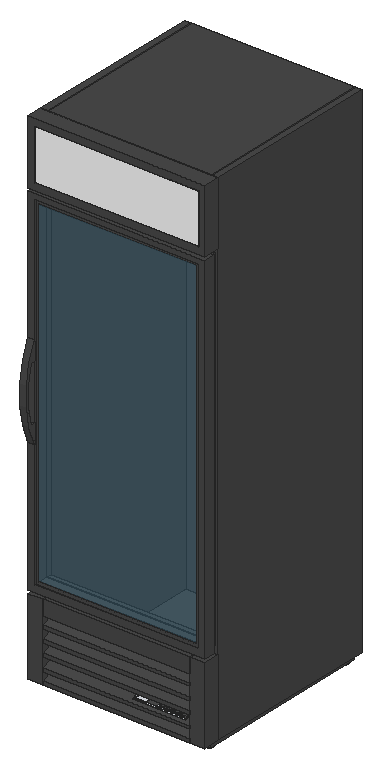
Revit family "QF_TRUE_GDM-23W-HC~TSL01", category Specialty Equipment, Revit 2016
Family settings
  Part Type = Normal
  Round Connector Dimension = Use Diameter
  Work Plane-Based = No
  Always vertical = Yes
  Cut with Voids When Loaded = No
  Shared = No
  Room Calculation Point = No
Parameters
  Weight in Pounds = 305
  Watts = Volts * FL Amps  # 621 W
  Volts = 115 V
  URL Cutsheet = ""
  Specification by User = ""
  Specification by Manufacturer = ""
  Show Logo [instance] = yes
  Show Default Legs [instance] = if(Show 6 Inches Standard Legs, or(Show 6 Inches Seismic Flanged Legs, Show 2.5 Inches Castors), if(Show 2.5 Inches Castors, Show 6 Inches Seismic Flanged Legs, not(or(Show 6 Inches Seismic Flanged Legs, Show 2.5 Inches Castors, Show 6 Inches Standard Legs))))  # yes
  Show Clearance [instance] = yes
  Show 6 Inches Standard Legs [instance] = no
  Show 6 Inches Seismic Flanged Legs [instance] = no
  Show 2.5 Inches Castors [instance] = no
  Serial Number = ""
  Seismic Rating = ""
  SMACNA No = ""
  Revision Code = ""
  Phase = 1
  Number of Poles = 1
  NAFEM Spec ID Number = ""
  Model = "GDM-23W-HC-TSL01"
  Min Ckt Ampacity = 0 A
  Max Overcurrent Protection = 0 A
  Masterspec = ""
  Manufacturer = "TRUE"
  Length = 27"
  Item Number = ""
  Installed By = ""
  Identify Quantity as Lot = yes
  Height [instance] = Body Height + Base Height  # 78 5/8"
  HP = "1/3"
  Furnished By = ""
  Foodservice Equipment Identifier = yes
  FL Amps = 5.4 A
  Electrical Remarks = ""
  Electric Connection Type = ""
  Elec Conn RI Height = 0"
  Elec Conn Connection Height = 0"
  Description = "SWING DOOR REFRIGERATOR WITH HYDROCARBON REFRIGERANT-TRUE STANDARD LOOK VERSION 01"
  Depth = 29 7/8"
  Cycle = 60 Hz
  Conn Plug = "NEMA 5-15P"
  Conn Conduit = yes
  CSI MasterFormat = ""
  Materials and Finishes [instance] = QF_Plastic - Black - Smooth
  Body Height [instance] = 78 5/16"
  Base Height [instance] = if(Show Default Legs, 5/16", if(Show 6 Inches Standard Legs, 6", if(Show 6 Inches Seismic Flanged Legs, 6", if(Show 2.5 Inches Castors, 2 1/2", 5/16"))))  # 5/16"
  Apparent Power = 0 VA
  6 Inches Standard Legs [instance] = and(Show 6 Inches Standard Legs, not(Show Default Legs))  # no
  6 Inches Seismic Flanged Legs [instance] = and(Show 6 Inches Seismic Flanged Legs, not(Show Default Legs))  # no
  2.5 Inches Castors [instance] = and(Show 2.5 Inches Castors, not(Show Default Legs))  # no
Reference planes (in)
  plane 1 "BACK": y = 0
  plane 2: z = 0
  plane 3 "LEFT": x = 0
  plane 4 "RIGHT": x = 27
  plane 5 "FRONT": y = -29.875
  plane 6 "TOP": z = 78.625
  plane 7 "Center Y": x = 13.5
  plane 8 "Center X": y = -14.9375
  plane 9: z = 0.3125
  plane 10: z = 1.6875
  plane 11: z = 1.6875
  plane 12: y = -54.75
  plane 13: y = -31.50001
Dimensions and locks (in)
  equal spacing: plane 3 "LEFT", plane 7 "Center Y", plane 4 "RIGHT"
  "Length": plane 3 "LEFT" to plane 4 "RIGHT"
  equal spacing: plane 5 "FRONT", plane 8 "Center X", plane 1 "BACK"
  "Depth": plane 5 "FRONT" to plane 1 "BACK"
  "Body Height": plane 6 "TOP" to plane 9
  plane 4 "RIGHT" to plane 3 "LEFT" = 27"
  plane 5 "FRONT" to plane 1 "BACK" = 29 7/8"
  "Base Height": plane 9 to level
  plane 10 to plane 9 = 1 3/8"
  plane 12 to plane 1 "BACK" = 54 3/4"
  plane 1 "BACK" to plane 13 = 31 1/2"
  aligned and locked: level to plane 2
  aligned and locked: nested 3 to plane 9
Nested families (in)
  nested 1: "CASTER-LEGS" at (2.5, -2, 0), Show Siesmic Flanged <- "6 Inches Seismic Flanged Legs", Show 6 Inches Legs <- "6 Inches Standard Legs", Show 2.5 Casters <- "2.5 Inches Castors", type "CASTER-LEGS"
    with Type Mark "", Status "", Specification by User "", Show Siesmic Flanged no, Show 6" Casters no, Show 6 Inches Legs no, Show 5" Casters no, Show 4" Casters no, Show 2.5 Standard Legs no, Show 2.5 Casters no, Revision Code "", Low Profile yes, Item Number "", Installed By "", Identify Quantity as Lot yes, Furnished By "", Foodservice Equipment Identifier yes
  nested 2: "CASTER-LEGS" at (24.5, -2, 0), Show Siesmic Flanged <- "6 Inches Seismic Flanged Legs", Show 6 Inches Legs <- "6 Inches Standard Legs", Show 2.5 Casters <- "2.5 Inches Castors", type "CASTER-LEGS"
    with Type Mark "", Status "", Specification by User "", Show Siesmic Flanged no, Show 6" Casters no, Show 6 Inches Legs no, Show 5" Casters no, Show 4" Casters no, Show 2.5 Standard Legs no, Show 2.5 Casters no, Revision Code "", Low Profile yes, Item Number "", Installed By "", Identify Quantity as Lot yes, Furnished By "", Foodservice Equipment Identifier yes
  nested 3: "GDM-23W-HC-TSL01" at (0, 0, 0), Show Logo <- "Show Logo", Show Default Legs <- "Show Default Legs", Show Clearance <- "Show Clearance", type "GDM-23W-HC-TSL01"
    with Show Logo yes, Show Default Legs yes, Show Clearance yes
  nested 4: "CASTER-LEGS" at (2.5, -25.375, 0), Show Siesmic Flanged <- "6 Inches Seismic Flanged Legs", Show 6 Inches Legs <- "6 Inches Standard Legs", Show 2.5 Casters <- "2.5 Inches Castors", type "CASTER-LEGS"
    with Type Mark "", Status "", Specification by User "", Show Siesmic Flanged no, Show 6" Casters no, Show 6 Inches Legs no, Show 5" Casters no, Show 4" Casters no, Show 2.5 Standard Legs no, Show 2.5 Casters no, Revision Code "", Low Profile yes, Item Number "", Installed By "", Identify Quantity as Lot yes, Furnished By "", Foodservice Equipment Identifier yes
  nested 5: "CASTER-LEGS" at (24.5, -25.375, 0), Show Siesmic Flanged <- "6 Inches Seismic Flanged Legs", Show 6 Inches Legs <- "6 Inches Standard Legs", Show 2.5 Casters <- "2.5 Inches Castors", type "CASTER-LEGS"
    with Type Mark "", Status "", Specification by User "", Show Siesmic Flanged no, Show 6" Casters no, Show 6 Inches Legs no, Show 5" Casters no, Show 4" Casters no, Show 2.5 Standard Legs no, Show 2.5 Casters no, Revision Code "", Low Profile yes, Item Number "", Installed By "", Identify Quantity as Lot yes, Furnished By "", Foodservice Equipment Identifier yes
Connectors (in)
  electrical at (13.5, 0, 40.15625), driven by "Volts", driven by "Watts"
    settings: on nested 3, index 1, voltage 115 V, apparent load 621 VA, apparent load phase1 0 VA, apparent load phase2 0 VA, apparent load phase3 0 VA, power factor 1, load classification "Other", number of poles 1, system type 30, power factor state 1, is connector primary yes, connector utility no, sub classification motor no, connector description "ELECTRICAL CONNECTION"
Definition of nested family "GDM-23W-HC-TSL01"
  Parameters (values of type "GDM-23W-HC-TSL01")
    Weight in Pounds = 0
    Watts = 0 W
    Volts = 0 V
    URL Cutsheet = ""
    Specification by User = ""
    Specification by Manufacturer = ""
    Show Logo [instance] = yes
    Show Default Legs [instance] = yes
    Show Clearance [instance] = yes
    Serial Number = ""
    Seismic Rating = ""
    SMACNA No = ""
    Revision Code = ""
    Phase = 0
    Number of Poles = 1
    NAFEM Spec ID Number = ""
    Model = ""
    Min Ckt Ampacity = 0 A
    Max Overcurrent Protection = 0 A
    Masterspec = ""
    Manufacturer = ""
    Length = 27"
    Item Number = ""
    Installed By = ""
    Identify Quantity as Lot = yes
    Height = 78 5/8"
    HP = ""
    Furnished By = ""
    Foodservice Equipment Identifier = yes
    FL Amps = 0 A
    Electrical Remarks = ""
    Electric Connection Type = ""
    Elec Conn RI Height = 0"
    Elec Conn Connection Height = 0"
    Description = ""
    Depth = 29 7/8"
    Cycle = 0 Hz
    Conn Plug = ""
    Conn Conduit = yes
    CSI MasterFormat = ""
    Body Finish = none
    Apparent Power = 0 VA
  Reference planes (in)
    plane 1 "BACK": y = 0
    plane 2: z = 0
    plane 3 "LEFT": x = 0
    plane 4 "RIGHT": x = 27
    plane 5 "FRONT": y = -29.875
    plane 6 "TOP": z = 78.625
    plane 7 "Center Y": x = 13.5
    plane 8 "Center X": y = -14.9375
    plane 9: z = 0.3125
    plane 10: z = 1.6875
    plane 11: z = 1.6875
    plane 12: y = -1
    plane 13: y = -31.50001
    plane 14: y = -54.75
  Forms (in)
    Extrusion 1, solid, material <- "Body Finish"
      sketch origin (0, -31.5, 0) x (1, 0, 0) y (0, 0, 1)
        loop
          line (0, 78.625) -> (0, 68.875) -> (27, 68.875) -> (27, 78.625) -> (0, 78.625)
        loop
          line (1, 77.625) -> (1, 69.875) -> (26, 69.875) -> (26, 77.625) -> (1, 77.625)
      from -1.625 to -4.125
    Extrusion 2, solid, material <- "Body Finish"
      sketch origin (-10.24231, -29.875, 48) x (-1, 0, 0) y (0, 0, 1)
        loop
          line (-37.24231, 20.38229) -> (-37.24231, -34.11771) -> (-10.24231, -34.11771) -> (-10.24231, 20.38229) -> (-37.24231, 20.38229)
        loop
          line (-36.24231, 19.63229) -> (-36.24231, -33.11771) -> (-11.24231, -33.11771) -> (-11.24231, 19.63229) -> (-36.24231, 19.63229)
      from 0 to 1.75251
    Extrusion 3, solid, material <- "Body Finish"
      sketch origin (-10.24231, -29.875, 48) x (-1, 0, 0) y (0, 0, 1)
        loop
          line (-10.24231, -46.3125) -> (-10.24231, -34.61771) -> (-12.49231, -34.61771) -> (-12.49231, -46.3125) -> (-10.24231, -46.3125)
        loop
          line (-37.24231, -46.3125) -> (-34.99231, -46.3125) -> (-34.99231, -34.61771) -> (-37.24231, -34.61771) -> (-37.24231, -46.3125)
      from 0 to 2.5
    Extrusion 4, solid, material <- "Body Finish"
      sketch origin (0, -5, 0) x (1, 0, 0) y (0, 0, 1)
        loop
          line (1.125, 1.6875) -> (1.125, 0.3125) -> (25.875, 0.3125) -> (25.875, 1.6875) -> (1.125, 1.6875)
      from -5 to 22.375
    Extrusion 5, solid, material <- "Body Finish"
      sketch origin (2.25, -29.875, 1.6875) x (0, 0, 1) y (0, -1, 0)
        loop
          line (11.69479, 0) -> (9.44479, 0) -> (9.44479, -2.25) -> (9.31979, -2.25) -> (8.19479, 0) -> (7.69479, 0) -> (8.81979, -2.25) -> (7.38229, -2.25) -> (6.25729, 0) -> (5.75729, 0) -> (6.88229, -2.25) -> (5.44479, -2.25) -> (4.31979, 0) -> (3.81979, 0) -> (4.94479, -2.25) -> (3.44479, -2.25) -> (2.31979, 0) -> (1.81979, 0) -> (2.94479, -2.25) -> (1.625, -2.25) -> (0.5, 0) -> (0, 0) -> (0, -2.5) -> (11.69479, -2.5) -> (11.69479, 0)
      from 0 to 22.5
    Extrusion 6, solid, material <- "Body Finish"
      sketch origin (0, -5, 0) x (0, 1, 0) y (0, 0, 1)
        loop
          line (-22.375, 78.625) -> (-22.375, 1.6875) -> (5, 1.6875) -> (5, 78.625) -> (-22.375, 78.625)
      from 0 to 1
    Extrusion 7, solid, material <- "Body Finish"
      sketch origin (27, -5, 0) x (0, 1, 0) y (0, 0, -1)
        loop
          line (-22.375, -78.625) -> (5, -78.625) -> (5, -1.6875) -> (-22.375, -1.6875) -> (-22.375, -78.625)
      from 0 to 1
    Extrusion 8, solid, material <- "Body Finish"
      sketch origin (1, -5, 0) x (0, 1, 0) y (0, 0, 1)
        loop
          line (5, 78.625) -> (-22.375, 78.625) -> (-22.375, 77.625) -> (4, 77.625) -> (4, 1.6875) -> (5, 1.6875) -> (5, 78.625)
      from 0 to 25
    Extrusion 9, solid
      sketch origin (0.75, -27.75, 0) x (-1, 0, 0) y (0, 0, 1)
        loop
          line (-0.25, 77.625) -> (-25.25, 77.625) -> (-25.25, 69.875) -> (-0.25, 69.875) -> (-0.25, 77.625)
      from -0.37249 to -2.125
    Extrusion 10, solid, material <- "Body Finish"
      sketch origin (-10.24231, -28.12249, 48) x (-1, 0, 0) y (0, 0, 1)
        loop
          line (-11.24231, 19.63229) -> (-36.24231, 19.63229) -> (-36.24231, -33.11771) -> (-11.24231, -33.11771) -> (-11.24231, 19.63229)
        loop
          line (-35.74231, 19.13229) -> (-35.74231, -32.61771) -> (-11.74231, -32.61771) -> (-11.74231, 19.13229) -> (-35.74231, 19.13229)
      from 0 to -1.5
    Extrusion 11, solid
      sketch origin (-10.24231, -29.62249, 48) x (1, 0, 0) y (0, 0, 1)
        loop
          line (11.74231, -32.61771) -> (35.74231, -32.61771) -> (35.74231, 19.13229) -> (11.74231, 19.13229) -> (11.74231, -32.61771)
      from 0 to -0.125
    Extrusion 12, solid
      sketch origin (0.375, -3.59375, 24.16366) x (0, 1, 0) y (0, 0, 1)
        loop
          arc (-26.28125, 24.2861) -> (-27.90626, 17.09363) -> (-26.28125, 9.90116) r 16.72986
          line (-26.28125, 9.90116) -> (-26.28125, 12.85144) -> (-27.1009, 12.85144)
          arc (-27.1009, 12.85144) -> (-27.65626, 17.09363) -> (-27.1009, 21.33582) r 16.47986
          line (-27.1009, 21.33582) -> (-26.28125, 21.33582) -> (-26.28125, 24.2861)
      from -0.375 to 0.625
    Extrusion 13, solid, visible <- "Show Default Legs"
      sketch origin (24.83359, -5, 0.3125) x (0, 1, 0) y (1, 0, 0)
        loop
          circle (4.29289, -23.00148) r 0.5
        loop
          circle (4.29289, 0.3343) r 0.5
        loop
          circle (-21.625, -23.00148) r 0.5
        loop
          circle (-21.625, 0.3343) r 0.5
      from 0 to 0.3125
    Extrusion 14, solid, visible <- "Show Clearance", detail levels coarse
      sketch origin (27, -29.875, 68.38229) x (-1, 0, 0) y (0, -1, 0)
        loop
          line (0, 0) -> (27, 0)
          arc (27, 0) -> (18.33036, 17.6805) -> (0, 24.875) r 27.19647
          line (0, 24.875) -> (0, 0)
      from 0 to -54.5
    Extrusion 15, solid
      sketch origin (-10.24231, -28.12249, 48) x (-1, 0, 0) y (0, 0, 1)
        loop
          line (-35.74231, 19.13229) -> (-35.74231, -32.61771) -> (-11.74231, -32.61771) -> (-11.74231, 19.13229) -> (-35.74231, 19.13229)
        loop
          line (-36.74231, -33.61771) -> (-10.74231, -33.61771) -> (-10.74231, 20.13229) -> (-36.74231, 20.13229) -> (-36.74231, -33.61771)
      from 0 to 0.74749
    Extrusion 16, solid, material <- "Body Finish"
      sketch origin (1, 0, 1.6875) x (0, 0, 1) y (1, 0, 0)
        loop
          circle (5.59739, 12.5) r 0.25
      from 0 to 0.125
  Lines and regions (in)
    symbolic lines
      curve 1: line (0, -29.875, 0) -> (27, -29.875, 0)
      curve 2: line (0, 0, 0) -> (0, -31.50001, 0)
      curve 3: line (27, 0, 0) -> (0, 0, 0)
      curve 4: line (27, -29.875, 0) -> (27, 0, 0)
      curve 5: line (1, -31.50001, 0) -> (0, -31.50001, 0)
      curve 6: line (1, -31.50001, 0) -> (1, -29.875, 0)
      curve 7: line (0, -27.375, 0) -> (27, -27.375, 0)
      curve 8: line (1, -27.375, 0) -> (1, 0, 0)
      curve 9: line (26, -27.375, 0) -> (26, 0, 0)
      curve 10: line (27, -29.875, 0) -> (4.58659, -42.81539, 0)
      curve 11: arc (0, -29.875, 0) -> (1.46329, -36.63938, 0) -> (4.58659, -42.81539, 0) r 27.19647
  Dimensions and locks (in)
    equal spacing: plane 3 "LEFT", plane 7 "Center Y", plane 4 "RIGHT"
    "Length": plane 3 "LEFT" to plane 4 "RIGHT"
    equal spacing: plane 5 "FRONT", plane 8 "Center X", plane 1 "BACK"
    "Depth": plane 5 "FRONT" to plane 1 "BACK"
    "Height": plane 6 "TOP" to level
    plane 4 "RIGHT" to plane 3 "LEFT" = 27"
    plane 5 "FRONT" to plane 1 "BACK" = 29 7/8"
    plane 9 to level = 5/16"
    plane 6 "TOP" to plane 10 = 76 15/16"
    plane 10 to plane 9 = 1 3/8"
    plane 1 "BACK" to plane 13 = 31 1/2"
    plane 1 "BACK" to plane 14 = 54 3/4"
    aligned and locked: level to plane 2
  Automatic sketch dimensions
    Extrusion 2 sketch curve to Extrusion 2 sketch curve = 1"  (x3)
    Extrusion 3 sketch curve to Extrusion 3 sketch curve = 2 1/4"  (x2)
    Extrusion 5 sketch curve to Extrusion 3 = 0"  (x8)
    Extrusion 3 to Extrusion 5 sketch curve = 0"
    Extrusion 5 sketch curve to Extrusion 5 sketch curve = 1/2"  (x9)
    Extrusion 3 to Extrusion 5 sketch curve = 1/4"  (x5)
    Extrusion 5 sketch curve to Extrusion 3 = 1 5/8"
    Extrusion 5 sketch curve to Extrusion 5 sketch curve = 1.31979"  (x2)
    Extrusion 5 sketch curve to Extrusion 5 sketch curve = 1 1/2"  (x2)
    Extrusion 5 sketch curve to Extrusion 5 sketch curve = 1 7/16"  (x4)
    Extrusion 5 sketch curve to Extrusion 5 sketch curve = 1/8"
    Extrusion 2 to Extrusion 10 sketch curve = 0"
    Extrusion 10 sketch curve to Extrusion 2 = 0"  (x3)
    Extrusion 2 to Extrusion 10 sketch curve = 1/2"  (x4)
    Extrusion 11 sketch curve to Extrusion 10 = 0"  (x3)
    Extrusion 10 to Extrusion 11 sketch curve = 0"
    Extrusion 12 sketch curve to Extrusion 12 sketch curve = 2.95028"
    Extrusion 12 sketch curve to Extrusion 12 sketch curve = 4 31/128"
    Extrusion 1 sketch curve to Extrusion 1 sketch curve = 7 3/4"
    Extrusion 1 sketch curve to Extrusion 1 sketch curve = 1"  (x4)
    Extrusion 2 sketch curve to Extrusion 2 sketch curve = 3/4"
    Extrusion 9 sketch curve to Extrusion 9 sketch curve = 7 3/4"
    Extrusion 3 sketch curve to Extrusion 3 sketch curve = 11.69479"  (x2)
    Extrusion 13 sketch curve to Extrusion 4 = 3/4"  (x2)
    Extrusion 13 sketch curve to Extrusion 4 = 0.70711"  (x4)
    Extrusion 4 to Extrusion 13 sketch curve = 0.70711"  (x2)
    Extrusion 12 sketch curve to Extrusion 12 sketch curve = 0.81965"  (x2)
    Extrusion 1 sketch curve to Extrusion 1 sketch curve = 25"
    Extrusion 2 sketch curve to Extrusion 2 sketch curve = 25"
    Extrusion 2 sketch curve to Extrusion 2 sketch curve = 52 3/4"
    Extrusion 3 sketch curve to Extrusion 3 sketch curve = 22 1/2"
    Extrusion 3 sketch curve to Extrusion 3 sketch curve = 0"
    Extrusion 4 sketch curve to Extrusion 4 sketch curve = 24 3/4"
    Extrusion 4 sketch curve to Extrusion 4 sketch curve = 1 3/8"
    Extrusion 6 sketch curve to Extrusion 6 sketch curve = 27 3/8"
    Extrusion 6 sketch curve to Extrusion 6 sketch curve = 76 15/16"
    Extrusion 7 sketch curve to Extrusion 7 sketch curve = 27 3/8"
    Extrusion 7 sketch curve to Extrusion 7 sketch curve = 76 15/16"
    Extrusion 9 sketch curve to Extrusion 9 sketch curve = 25"
    Extrusion 12 sketch curve to Extrusion 12 sketch curve = 0"  (x5)
    Extrusion 12 sketch curve to Extrusion 12 sketch curve = 15.10485"
    Extrusion 8 sketch curve to Extrusion 6 = 0"  (x3)
    Extrusion 6 to Extrusion 8 sketch curve = 0"
    Extrusion 8 sketch curve to Extrusion 6 = 1"  (x2)
    Extrusion 2 to Extrusion 15 sketch curve = 1/2"  (x4)
    Extrusion 15 sketch curve to Extrusion 15 sketch curve = 1"  (x4)
    Extrusion 1 sketch curve to plane 3 "LEFT" = 0"
    Extrusion 1 sketch curve to plane 6 "TOP" = 0"
    plane 4 "RIGHT" to Extrusion 2 sketch curve = 0"
    plane 10 to Extrusion 2 sketch curve = 12.19479"
    plane 4 "RIGHT" to Extrusion 3 sketch curve = 0"
    Extrusion 3 sketch curve to plane 10 = 0"
    Extrusion 4 sketch curve to plane 9 = 0"
    plane 3 "LEFT" to Extrusion 4 sketch curve = 1 1/8"
    Extrusion 6 sketch curve to plane 10 = 0"
    Extrusion 6 sketch curve to plane 1 "BACK" = 0"
    Extrusion 7 sketch curve to plane 10 = 0"
    Extrusion 7 sketch curve to plane 1 "BACK" = 0"
    plane 4 "RIGHT" to Extrusion 9 sketch curve = 1"
    Extrusion 9 sketch curve to plane 6 "TOP" = 8 3/4"
    Extrusion 12 sketch curve to plane 5 "FRONT" = 0"
    plane 10 to Extrusion 12 sketch curve = 32.37732"
    Extrusion 14 sketch curve to Extrusion 2 = 0"  (x3)
    Extrusion 14 sketch curve to Extrusion 2 = 0.09723"
    Extrusion 14 sketch curve to Extrusion 2 = 0.56879"
    curve 7 to plane 3 "LEFT" = 0"
    curve 5 to plane 13 = 0"
    plane 1 "BACK" to curve 8 = 0"
    plane 5 "FRONT" to curve 6 = 0"
    curve 10 to plane 4 "RIGHT" = 0"
    plane 3 "LEFT" to curve 5 = 1"
    plane 3 "LEFT" to curve 10 = 4.58659"
    plane 3 "LEFT" to curve 8 = 1"
    plane 4 "RIGHT" to curve 9 = 1"
    plane 14 to curve 10 = 11.93461"
    curve 6 to curve 8 = 2 1/2"
    curve 11 to plane 4 "RIGHT" = 0.09723"
    Extrusion 8 to Extrusion 16 sketch curve = 5.59739"
    Extrusion 8 to Extrusion 16 sketch curve = 12 1/2"
    radius of Extrusion 13 sketch curve = 1/2"  (x4)
    radius of Extrusion 16 sketch curve = 1/4"
  Nested families (in)
    nested 1: "QF_LOGO_TRUE" at (15.65, -29.42253, 4.23352), Show Logo <- "Show Logo", type "QF_LOGO_TRUE", detail levels medium+fine
      with Show Logo yes
  Connectors (in)
    electrical at (13.5, 0.125, 7.28489), driven by "Volts", driven by "Watts"
      settings: on Extrusion 16, index 1, voltage 0 V, apparent load 0 VA, apparent load phase1 0 VA, apparent load phase2 0 VA, apparent load phase3 0 VA, power factor 1, load classification none, number of poles 1, system type 30, power factor state 1, is connector primary yes, connector utility no, sub classification motor no, connector description "ELECTRICAL CONNECTION"
  Definition of nested family "QF_LOGO_TRUE"
    Parameters (values of type "QF_LOGO_TRUE")
      Show Logo [instance] = yes
    Reference planes (in)
      plane 1 "Center (Front/Back)": y = 0
      plane 2: z = 0
      plane 3 "Center (Left/Right)": x = 0
    Forms (in)
      Extrusion 1, solid, visible <- "Show Logo"
        sketch origin (-78.34647, -11.73983, -44.74286) x (1, 0, 0) y (0, 0.894428, 0.447213)
          loop
            line (81.15226, 31.65456) -> (81.07353, 31.48573) -> (82.12083, 31.48573)
            arc (82.12083, 31.48573) -> (82.14208, 31.44814) -> (82.12083, 31.41055) r 0.04386
            line (82.12083, 31.41055) -> (81.84767, 30.82478)
            arc (81.84767, 30.82478) -> (81.84531, 30.77052) -> (81.882, 30.73048) r 0.07096
            line (81.882, 30.73048) -> (82.55165, 30.73048)
            arc (82.55165, 30.73048) -> (82.63621, 30.75714) -> (82.69019, 30.82748) r 0.14742
            line (82.69019, 30.82748) -> (82.90515, 31.28847) -> (83.10265, 31.28847)
            arc (83.10265, 31.28847) -> (83.15447, 31.26942) -> (83.14697, 31.21472) r 0.04405
            line (83.14697, 31.21472) -> (82.9671, 30.82899)
            arc (82.9671, 30.82899) -> (82.9699, 30.76493) -> (83.02398, 30.73048) r 0.06943
            line (83.02398, 30.73048) -> (83.6124, 30.73048)
            arc (83.6124, 30.73048) -> (83.65748, 30.74689) -> (83.68147, 30.78844) r 0.07014
            arc (83.68147, 30.78844) -> (83.69845, 30.74745) -> (83.73943, 30.73048) r 0.05796
            line (83.73943, 30.73048) -> (84.112, 30.73048)
            arc (84.112, 30.73048) -> (84.15504, 30.74201) -> (84.18655, 30.77352) r 0.08608
            arc (84.18655, 30.77352) -> (84.20164, 30.7371) -> (84.23806, 30.72202) r 0.0515
            line (84.23806, 30.72202) -> (84.76757, 30.72202)
            arc (84.76757, 30.72202) -> (84.81086, 30.73995) -> (84.8288, 30.78324) r 0.06122
            arc (84.8288, 30.78324) -> (84.86848, 30.74355) -> (84.92269, 30.72903) r 0.10842
            line (84.92269, 30.72903) -> (85.91461, 30.72903) -> (86.02479, 30.91987) -> (85.0243, 30.91987)
            arc (85.0243, 30.91987) -> (84.99669, 30.93902) -> (84.99566, 30.97261) r 0.03732
            line (84.99566, 30.97261) -> (85.01297, 31.00972)
            arc (85.01297, 31.00972) -> (85.03954, 31.04453) -> (85.0813, 31.05774) r 0.07263
            line (85.0813, 31.05774) -> (85.40289, 31.05774)
            arc (85.40289, 31.05774) -> (85.4723, 31.07633) -> (85.52311, 31.12715) r 0.13882
            line (85.52311, 31.12715) -> (85.61625, 31.28847)
            arc (85.61625, 31.28847) -> (85.61625, 31.37458) -> (85.54168, 31.41763) r 0.08611
            line (85.54168, 31.41763) -> (85.20227, 31.41763)
            arc (85.20227, 31.41763) -> (85.11574, 31.40294) -> (85.05538, 31.33923) r 0.13863
            line (85.05538, 31.33923) -> (84.89409, 30.99333)
            arc (84.89409, 30.99333) -> (84.84649, 30.9313) -> (84.77191, 30.90778) r 0.13002
            line (84.77191, 30.90778) -> (84.41984, 30.90778)
            arc (84.41984, 30.90778) -> (84.3777, 30.95378) -> (84.38042, 31.0161) r 0.08151
            line (84.38042, 31.0161) -> (84.56766, 31.41763) -> (84.44849, 31.41763) -> (84.25012, 30.99222)
            arc (84.25012, 30.99222) -> (84.21158, 30.94199) -> (84.15119, 30.92296) r 0.10527
            line (84.15119, 30.92296) -> (83.90842, 30.92296)
            arc (83.90842, 30.92296) -> (83.8674, 30.97642) -> (83.87619, 31.04323) r 0.08805
            line (83.87619, 31.04323) -> (84.05078, 31.41763) -> (83.92772, 31.41763) -> (83.72676, 30.98668)
            arc (83.72676, 30.98668) -> (83.68011, 30.94003) -> (83.61639, 30.92296) r 0.12745
            line (83.61639, 30.92296) -> (83.26484, 30.92296)
            arc (83.26484, 30.92296) -> (83.2017, 30.9524) -> (83.19563, 31.0218) r 0.06967
            line (83.19563, 31.0218) -> (83.31118, 31.26961) -> (83.47452, 31.26961)
            arc (83.47452, 31.26961) -> (83.50209, 31.35268) -> (83.56075, 31.41763) r 0.21289
            line (83.56075, 31.41763) -> (82.92244, 31.41763)
            arc (82.92244, 31.41763) -> (82.85151, 31.40191) -> (82.80242, 31.34834) r 0.12081
            line (82.80242, 31.34834) -> (82.6294, 30.9773)
            arc (82.6294, 30.9773) -> (82.58962, 30.93752) -> (82.53528, 30.92296) r 0.10869
            line (82.53528, 30.92296) -> (82.1542, 30.92296)
            arc (82.1542, 30.92296) -> (82.12446, 30.96315) -> (82.13012, 31.01283) r 0.06822
            line (82.13012, 31.01283) -> (82.38156, 31.48573) -> (83.01596, 31.48573) -> (83.09469, 31.65456) -> (82.46029, 31.65456) -> (82.53902, 31.8234) -> (82.31334, 31.8234) -> (82.23461, 31.65456) -> (81.15226, 31.65456)
          loop
            arc (85.15937, 31.26434) -> (85.13191, 31.25698) -> (85.1118, 31.23688) r 0.05494
            line (85.1118, 31.23688) -> (85.09547, 31.18665)
            arc (85.09547, 31.18665) -> (85.10304, 31.16837) -> (85.12133, 31.16079) r 0.02586
            line (85.12133, 31.16079) -> (85.39889, 31.16079)
            arc (85.39889, 31.16079) -> (85.41888, 31.16523) -> (85.43513, 31.1777) r 0.04731
            line (85.43513, 31.1777) -> (85.44863, 31.2402)
            arc (85.44863, 31.2402) -> (85.44466, 31.25693) -> (85.42914, 31.26434) r 0.01994
            line (85.42914, 31.26434) -> (85.15937, 31.26434)
          loop
            line (78.62961, 30.74125) -> (80.12032, 30.74125) -> (80.73891, 31.81268) -> (79.2482, 31.81268) -> (78.62961, 30.74125)
        from 34.76797 to 34.83173
      Extrusion 2, solid, visible <- "Show Logo"
        sketch origin (-142.84857, -14.29215, -45.99893) x (1, 0, 0) y (0, 0.894428, 0.447213)
          loop
            line (150.81107, 34.71978) -> (142.98607, 34.71978) -> (142.98607, 33.4921) -> (150.81107, 33.4921) -> (150.81107, 34.71978)
        from 34.75108 to 34.78125
      Extrusion 3, solid, visible <- "Show Logo"
        sketch origin (-142.84857, -14.29215, -45.99893) x (1, 0, 0) y (0, 0.894428, 0.447213)
          loop
            line (150.94857, 34.85727) -> (142.84857, 34.85727) -> (142.84857, 33.3546) -> (150.94857, 33.3546) -> (150.94857, 34.85727)
          loop
            line (142.98607, 34.71978) -> (142.98607, 33.4921) -> (150.81107, 33.4921) -> (150.81107, 34.71978) -> (142.98607, 34.71978)
        from 34.75108 to 34.81376
      Extrusion 4, solid, not visible
        sketch origin (121.45701, -16.5, 4.98235) x (1, 0, 0) y (0, 0, 1)
          loop
            line (25.20115, 35.89949) -> (25.20115, 33.96647) -> (30.95381, 33.96647) -> (30.95381, 35.89949) -> (25.20115, 35.89949)
        from 31.5 to 31.54261
      Extrusion 5, solid, not visible
        sketch origin (121.45701, -16.5, 4.98235) x (1, 0, 0) y (0, 0, 1)
          loop
            line (26.7387, 34.95472) -> (26.61492, 34.49276) -> (27.038, 34.49276)
            arc (27.038, 34.49276) -> (27.13117, 34.52484) -> (27.18485, 34.60749) r 0.15134
            arc (27.18485, 34.60749) -> (27.20396, 34.68138) -> (27.22435, 34.75493) r 4.37326
            arc (27.22435, 34.75493) -> (27.23458, 34.81765) -> (27.22435, 34.88037) r 0.1974
            arc (27.22435, 34.88037) -> (27.18247, 34.93579) -> (27.11563, 34.95472) r 0.10914
            line (27.11563, 34.95472) -> (26.7387, 34.95472)
          loop
            line (26.90201, 34.80638) -> (26.84645, 34.59903) -> (26.92855, 34.59903)
            arc (26.92855, 34.59903) -> (26.98205, 34.6185) -> (27.01051, 34.6678) r 0.08322
            line (27.01051, 34.6678) -> (27.02399, 34.74424)
            arc (27.02399, 34.74424) -> (27.01491, 34.78454) -> (26.97985, 34.80638) r 0.05353
            line (26.97985, 34.80638) -> (26.90201, 34.80638)
          loop
            line (27.45336, 34.66131) -> (27.76233, 34.66131) -> (27.78859, 34.73909)
            arc (27.78859, 34.73909) -> (27.7878, 34.82039) -> (27.73107, 34.87864) r 0.10925
            arc (27.73107, 34.87864) -> (27.68233, 34.8944) -> (27.63139, 34.89974) r 0.24595
            line (27.63139, 34.89974) -> (27.46708, 34.89974)
            arc (27.46708, 34.89974) -> (27.4068, 34.88073) -> (27.3535, 34.84677) r 0.2421
            arc (27.3535, 34.84677) -> (27.2897, 34.76363) -> (27.26702, 34.66131) r 0.2421
            line (27.26702, 34.66131) -> (27.26702, 34.54477)
            arc (27.26702, 34.54477) -> (27.31618, 34.4956) -> (27.38334, 34.47761) r 0.13431
            line (27.38334, 34.47761) -> (27.59054, 34.47761)
            arc (27.59054, 34.47761) -> (27.63459, 34.48281) -> (27.67622, 34.49812) r 0.18924
            line (27.67622, 34.49812) -> (27.73102, 34.61563)
            arc (27.73102, 34.61563) -> (27.68453, 34.59565) -> (27.63566, 34.58252) r 0.35376
            arc (27.63566, 34.58252) -> (27.55885, 34.56956) -> (27.48204, 34.58252) r 0.23415
            arc (27.48204, 34.58252) -> (27.44492, 34.61362) -> (27.45336, 34.66131) r 0.04838
          loop
            line (27.4842, 34.73042) -> (27.62012, 34.73042) -> (27.62621, 34.76496)
            arc (27.62621, 34.76496) -> (27.58961, 34.80242) -> (27.53739, 34.80638) r 0.0742
            arc (27.53739, 34.80638) -> (27.49747, 34.77773) -> (27.4842, 34.73042) r 0.0742
          loop
            line (27.91616, 34.97572) -> (27.78675, 34.49276) -> (27.98645, 34.49276) -> (28.11586, 34.97572) -> (27.91616, 34.97572)
          loop
            line (28.13678, 34.66131) -> (28.08755, 34.47761) -> (28.27134, 34.47761) -> (28.32056, 34.66131) -> (28.43674, 34.66131) -> (28.47974, 34.78864) -> (28.36519, 34.78864)
            arc (28.36519, 34.78864) -> (28.35733, 34.81649) -> (28.36921, 34.84288) r 0.04231
            arc (28.36921, 34.84288) -> (28.431, 34.8652) -> (28.49617, 34.85686) r 0.13988
            line (28.49617, 34.85686) -> (28.53544, 34.97317)
            arc (28.53544, 34.97317) -> (28.39725, 34.99096) -> (28.25905, 34.97317) r 0.54546
            arc (28.25905, 34.97317) -> (28.20849, 34.91994) -> (28.18197, 34.85147) r 0.1894
            line (28.18197, 34.85147) -> (28.17089, 34.78864) -> (28.11397, 34.78864) -> (28.07985, 34.66131) -> (28.13678, 34.66131)
          loop
            arc (28.74846, 34.89756) -> (28.65884, 34.88533) -> (28.56922, 34.89756) r 0.33455
            line (28.56922, 34.89756) -> (28.45669, 34.47761) -> (28.63593, 34.47761) -> (28.74846, 34.89756)
          loop
            arc (28.60398, 35.01195) -> (28.57699, 34.97173) -> (28.60398, 34.9315) r 0.04347
            line (28.60398, 34.9315) -> (28.75755, 34.9315)
            arc (28.75755, 34.9315) -> (28.78645, 34.96687) -> (28.77911, 35.01195) r 0.0556
            line (28.77911, 35.01195) -> (28.60398, 35.01195)
          loop
            line (28.95336, 34.66131) -> (29.26233, 34.66131) -> (29.28859, 34.73909)
            arc (29.28859, 34.73909) -> (29.2878, 34.82039) -> (29.23107, 34.87864) r 0.10925
            arc (29.23107, 34.87864) -> (29.18233, 34.8944) -> (29.13139, 34.89974) r 0.24595
            line (29.13139, 34.89974) -> (28.96708, 34.89974)
            arc (28.96708, 34.89974) -> (28.9068, 34.88073) -> (28.8535, 34.84677) r 0.2421
            arc (28.8535, 34.84677) -> (28.7897, 34.76363) -> (28.76702, 34.66131) r 0.2421
            line (28.76702, 34.66131) -> (28.76702, 34.54477)
            arc (28.76702, 34.54477) -> (28.81618, 34.4956) -> (28.88334, 34.47761) r 0.13431
            line (28.88334, 34.47761) -> (29.09054, 34.47761)
            arc (29.09054, 34.47761) -> (29.13459, 34.48281) -> (29.17622, 34.49812) r 0.18924
            line (29.17622, 34.49812) -> (29.23102, 34.61563)
            arc (29.23102, 34.61563) -> (29.18453, 34.59565) -> (29.13566, 34.58252) r 0.35376
            arc (29.13566, 34.58252) -> (29.05885, 34.56956) -> (28.98204, 34.58252) r 0.23415
            arc (28.98204, 34.58252) -> (28.94492, 34.61362) -> (28.95336, 34.66131) r 0.04838
          loop
            line (28.9842, 34.73042) -> (29.12012, 34.73042) -> (29.12621, 34.76496)
            arc (29.12621, 34.76496) -> (29.08961, 34.80242) -> (29.03739, 34.80638) r 0.0742
            arc (29.03739, 34.80638) -> (28.99747, 34.77773) -> (28.9842, 34.73042) r 0.0742
          loop
            line (29.41616, 34.97572) -> (29.28675, 34.49276) -> (29.48645, 34.49276) -> (29.61586, 34.97572) -> (29.41616, 34.97572)
          loop
            line (29.99836, 34.97572) -> (29.95192, 34.80242)
            arc (29.95192, 34.80242) -> (29.94473, 34.85705) -> (29.90102, 34.89059) r 0.07199
            arc (29.90102, 34.89059) -> (29.80023, 34.89941) -> (29.70251, 34.87322) r 0.29131
            arc (29.70251, 34.87322) -> (29.61806, 34.7652) -> (29.5896, 34.63108) r 0.30433
            line (29.5896, 34.63108) -> (29.5896, 34.55572)
            arc (29.5896, 34.55572) -> (29.61075, 34.50463) -> (29.66184, 34.48348) r 0.07224
            line (29.66184, 34.48348) -> (29.78537, 34.48348)
            arc (29.78537, 34.48348) -> (29.83854, 34.51313) -> (29.88504, 34.55243) r 0.31609
            line (29.88504, 34.55243) -> (29.86905, 34.49276) -> (30.05973, 34.49276) -> (30.18914, 34.97572) -> (29.99836, 34.97572)
          loop
            arc (29.84537, 34.75931) -> (29.79424, 34.71128) -> (29.77745, 34.64317) r 0.12371
            arc (29.77745, 34.64317) -> (29.80071, 34.59901) -> (29.85056, 34.59647) r 0.05045
            arc (29.85056, 34.59647) -> (29.90141, 34.64047) -> (29.92536, 34.7033) r 0.13769
            arc (29.92536, 34.7033) -> (29.90211, 34.75521) -> (29.84537, 34.75931) r 0.05543
          loop
            line (26.45047, 35.26762) -> (26.58211, 35.26762)
            arc (26.58211, 35.26762) -> (26.60467, 35.30821) -> (26.62126, 35.35157) r 0.3277
            arc (26.62126, 35.35157) -> (26.62714, 35.39992) -> (26.60877, 35.44503) r 0.09693
            arc (26.60877, 35.44503) -> (26.56454, 35.48868) -> (26.50462, 35.50516) r 0.12312
            arc (26.50462, 35.50516) -> (26.44158, 35.50565) -> (26.37854, 35.50546) r 5.76967
            arc (26.37854, 35.50546) -> (26.07462, 35.42923) -> (25.81045, 35.26076) r 0.97743
            line (25.81045, 35.26076) -> (25.85921, 35.26076)
            arc (25.85921, 35.26076) -> (26.08494, 35.39361) -> (26.3396, 35.45485) r 0.88817
            arc (26.3396, 35.45485) -> (26.41429, 35.44188) -> (26.47267, 35.39352) r 0.14748
            arc (26.47267, 35.39352) -> (26.48041, 35.32725) -> (26.45047, 35.26762) r 0.11636
          loop
            arc (26.35412, 35.17841) -> (26.19578, 35.0555) -> (26.00982, 34.98069) r 0.72453
            arc (26.00982, 34.98069) -> (25.9036, 34.95581) -> (25.79459, 34.9604) r 0.40201
            arc (25.79459, 34.9604) -> (25.7275, 34.98819) -> (25.69972, 35.05528) r 0.09488
            arc (25.69972, 35.05528) -> (25.71867, 35.12629) -> (25.77049, 35.17841) r 0.1425
            line (25.77049, 35.17841) -> (25.73665, 35.18748)
            arc (25.73665, 35.18748) -> (25.67632, 35.09876) -> (25.66924, 34.99171) r 0.20432
            arc (25.66924, 34.99171) -> (25.71443, 34.9227) -> (25.79473, 34.90384) r 0.11116
            arc (25.79473, 34.90384) -> (25.91172, 34.89904) -> (26.02716, 34.91862) r 0.56145
            arc (26.02716, 34.91862) -> (26.27675, 35.021) -> (26.49584, 35.17841) r 1.15683
            line (26.49584, 35.17841) -> (26.35412, 35.17841)
        from 31.54261 to 31.56272
    Dimensions and locks (in)
      aligned and locked: level to plane 2
      aligned and locked: Extrusion 2 to Extrusion 3  (x2)
      aligned and locked: Extrusion 2 sketch curve to Extrusion 3
Definition of nested family "CASTER-LEGS"
  Parameters (values of type "CASTER-LEGS")
    Weight = ""
    URL Manufacturer = ""
    URL Cutsheet = ""
    URL = ""
    Type Mark [instance] = ""
    Status [instance] = ""
    Specification by User [instance] = ""
    Specification by Manufacturer = ""
    Show Siesmic Flanged [instance] = yes
    Show 6 Inches Legs [instance] = yes
    Show 6" Casters [instance] = yes
    Show 5" Casters [instance] = yes
    Show 4" Casters [instance] = yes
    Show 2.5 Standard Legs [instance] = yes
    Show 2.5 Casters [instance] = yes
    Serial Number = ""
    Seismic Rating = ""
    SMACNA No = ""
    Revision Code [instance] = ""
    Omniclass Number and Title = ""
    NAFEM Spec ID Number = ""
    Model = ""
    MasterSpec. = ""
    Manufacturer = ""
    Low Profile [instance] = yes
    Item Number [instance] = ""
    Installed By [instance] = ""
    Identify Quantity as Lot [instance] = yes
    Furnished By [instance] = ""
    Foodservice Equipment Identifier [instance] = yes
    Description = ""
    CSI MasterFormat = ""
    CSI Master Format = ""
    Assembly Code = ""
  Reference planes (in)
    plane 1: z = 0
    plane 2 "RIGHT": x = 0
    plane 3 "FRONT": y = 0
    plane 4 "TOP": z = 6
    plane 5: z = 2.125
    plane 6: z = 2.5
    plane 7: z = 6.25
  Forms (in)
    Revolve 1, solid, visible <- "Show 6 Inches Legs"
      sketch origin (11.12172, 0, 0) x (-1, 0, 0) y (0, 0, -1)
        loop
          line (11.12172, -6) -> (11.12172, 0) -> (10.62172, 0) -> (10.62172, -1.30261) -> (10.37172, -1.30261) -> (10.37172, -6) -> (11.12172, -6)
        axis (11.12172, 0) -> (11.12172, -6)
      angle from 0 to 360
    Extrusion 2, solid, visible <- "Show Siesmic Flanged"
      sketch origin (0, 0, 0) x (1, 0, 0) y (0, 1, 0)
        loop
          circle (-0.00825, 0) r 1
      from 0 to 0.125
    Revolve 3, solid, visible <- "Show Siesmic Flanged"
      sketch origin (11.12172, 0, 0) x (-1, 0, 0) y (0, 0, -1)
        loop
          line (11.12172, -6) -> (11.12172, -0.125) -> (10.62172, -0.125) -> (10.62172, -1.30261) -> (10.37172, -1.30261) -> (10.37172, -6) -> (11.12172, -6)
        axis (11.12172, -0.125) -> (11.12172, -6)
      angle from 0 to 360
    Revolve 4, solid, visible <- "Show 2.5 Standard Legs"
      sketch origin (11.12172, 0, 0) x (-1, 0, 0) y (0, 0, -1)
        loop
          line (11.12172, -2.5) -> (11.12172, 0) -> (10.62172, 0) -> (10.62172, -0.75) -> (10.37172, -0.75) -> (10.37172, -2.5) -> (11.12172, -2.5)
        axis (11.12172, 0) -> (11.12172, -2.5)
      angle from 0 to 360
  Dimensions and locks (in)
    plane 4 "TOP" to level = 6"  (x2)
    locked: Revolve 1 sketch curve to Revolve 1 sketch curve at 1.30261
    locked: Revolve 1 sketch curve to Revolve 1 sketch curve at 0.75
    nested 1 to level = 5"
    plane 6 to plane 1 = 2 1/2"
    plane 5 to plane 1 = 2 1/8"
    plane 7 to plane 1 = 6 1/4"
    locked: Revolve 3 sketch curve to Revolve 3 sketch curve at 0.75
    aligned and locked: level to plane 1
  Nested families (in)
    nested 1: "PITCO_5 INCHES CASTER" at (0, 0, 0), Show Casters <- "Show 5" Casters", type "PITCO_5 INCHES CASTER"
      with Type Mark "", Status "", Specification by User "", Show Casters yes, Revision Code "", Item Number "", Installed By "", Identify Quantity as Lot yes, Furnished By "", Foodservice Equipment Identifier yes
    nested 2: "2.13" at (0, 0, 0), 2.5 Inches Caster <- "Low Profile", type "2.13", not visible
      with Type Mark "", Status "", Specification by User "", Revision Code "", Item Number "", Installed By "", Identify Quantity as Lot yes, Furnished By "", Foodservice Equipment Identifier yes, 2.5 Inches Caster yes
    nested 3: "C4" at (0, 0, 0), Show 4 Inches Casters <- "Show 4" Casters", type "C4"
      with Type Mark "", Specification by User "", Show 4 Inches Casters yes, Revision Code "", Item Number "", Installed By "", Identify Quantity as Lot yes, Furnished By "", Foodservice Equipment Identifier yes
    nested 4: "6 Inches Leg & Caster" at (0, 0, 0), Show Casters <- "Show 6" Casters", type "6 Inches Leg & Caster"
      with Type Mark "", Status "", Specification by User "", Show Casters yes, Revision Code "", Item Number "", Installed By "", Identify Quantity as Lot yes, Furnished By "", Foodservice Equipment Identifier yes
    nested 5: "C2.5" at (0, -0.86941, 0), 2.5 Inches Caster <- "Show 2.5 Casters", type "C2.5"
      with Type Mark "", Status "", Specification by User "", Revision Code "", Item Number "", Installed By "", Identify Quantity as Lot yes, Furnished By "", Foodservice Equipment Identifier yes, 2.5 Inches Caster yes
  Definition of nested family "PITCO_5 INCHES CASTER"
    Parameters (values of type "PITCO_5 INCHES CASTER")
      Weight = ""
      URL Manufacturer = ""
      URL Cutsheet = ""
      URL = ""
      Type Mark [instance] = ""
      Status [instance] = ""
      Specification by User [instance] = ""
      Specification by Manufacturer = ""
      Show Casters [instance] = yes
      Rubber = none
      Chrome = none
      Serial Number = ""
      Seismic Rating = ""
      SMACNA No = ""
      Revision Code [instance] = ""
      Omniclass Number and Title = ""
      NAFEM Spec ID Number = ""
      Model = ""
      MasterSpec. = ""
      Manufacturer = ""
      Item Number [instance] = ""
      Installed By [instance] = ""
      Identify Quantity as Lot [instance] = yes
      Furnished By [instance] = ""
      Foodservice Equipment Identifier [instance] = yes
      Description = ""
      CSI MasterFormat = ""
      CSI Master Format = ""
      Assembly Code = ""
    Reference planes (in)
      plane 1: z = 0
      plane 2 "RIGHT": x = 0
      plane 3 "FRONT": y = 0
      plane 4 "TOP": z = 5
      plane 5: z = 5.0625
    Forms (in)
      Revolve 1, solid, visible <- "Show Casters"
        sketch origin (-180, 1.0625, -34.67466) x (0, 0, -1) y (-1, 0, 0)
          loop
            line (-34.67466, -180.64009) -> (-34.67466, -179.35991) -> (-35.17466, -179.35991) -> (-35.17466, -179.48491) -> (-35.42466, -179.48491) -> (-35.42466, -179.64009) -> (-36.48519, -179.60306) -> (-36.48519, -178.85852) -> (-36.5316, -178.85852) -> (-36.5316, -178.71719) -> (-36.70591, -178.71719) -> (-36.70591, -181.28281) -> (-36.5316, -181.28281) -> (-36.5316, -181.14148) -> (-36.48519, -181.14148) -> (-36.48519, -180.39694) -> (-35.42466, -180.35991) -> (-35.42466, -180.51509) -> (-35.17466, -180.51509) -> (-35.17466, -180.64009) -> (-34.67466, -180.64009)
          axis (-36.70591, -181.28281) -> (-36.70591, -178.71719)
        angle from 0 to 360
      Extrusion 2, solid, visible <- "Show Casters"
        sketch origin (0, 0, -1.11142) x (0, -1, 0) y (1, 0, 0)
          loop
            circle (0, 0) r 1.5
        from 5.61142 to 6.17392
      Extrusion 3, solid, visible <- "Show Casters"
        sketch origin (0, 0, 0.289) x (0, -1, 0) y (0, 0, 1)
          loop
            arc (0.91808, 3.59427) -> (1.13645, 3.7909) -> (1.42156, 3.86198) r 0.60732
            line (1.42156, 3.86198) -> (1.46208, 3.86198) -> (1.43155, 4.211) -> (-1.43155, 4.211)
            arc (-1.43155, 4.211) -> (-1.62474, 4.13098) -> (-1.70476, 3.93778) r 0.27322
            line (-1.70476, 3.93778) -> (-1.70476, 3.78861) -> (-1.76351, 2.11371) -> (-1.82446, 1.68005)
            arc (-1.82446, 1.68005) -> (-1.73191, 1.41127) -> (-1.46007, 1.32816) r 0.31307
            line (-1.46007, 1.32816) -> (-0.60834, 1.47835)
            arc (-0.60834, 1.47835) -> (-0.50841, 1.51771) -> (-0.43181, 1.59299) r 0.26936
            line (-0.43181, 1.59299) -> (0.91808, 3.59427)
        from 0.84601 to 1.05998
      Extrusion 4, solid, visible <- "Show Casters"
        sketch origin (0, 0, -0.82242) x (0, -1, 0) y (0, 0, -1)
          loop
            line (1.43155, -5.32242) -> (1.46208, -4.9734) -> (1.42156, -4.9734)
            arc (1.42156, -4.9734) -> (1.13645, -4.90232) -> (0.91808, -4.70569) r 0.60732
            line (0.91808, -4.70569) -> (-0.43181, -2.70441)
            arc (-0.43181, -2.70441) -> (-0.50841, -2.62913) -> (-0.60834, -2.58977) r 0.26936
            line (-0.60834, -2.58977) -> (-1.46007, -2.43958)
            arc (-1.46007, -2.43958) -> (-1.73191, -2.52269) -> (-1.82446, -2.79147) r 0.31307
            line (-1.82446, -2.79147) -> (-1.76351, -3.22513) -> (-1.70476, -4.90003) -> (-1.70476, -5.0492)
            arc (-1.70476, -5.0492) -> (-1.62474, -5.2424) -> (-1.43155, -5.32242) r 0.27322
            line (-1.43155, -5.32242) -> (1.43155, -5.32242)
        from 0.84601 to 1.05998
      Extrusion 5, solid, visible <- "Show Casters"
        sketch origin (-0.84601, 0, 0.289) x (0, 1, 0) y (0, 0, 1)
          loop
            line (1.43155, 4.211) -> (-1.43155, 4.211) -> (-1.46208, 3.86198) -> (-1.42156, 3.86198)
            arc (-1.42156, 3.86198) -> (-1.13645, 3.7909) -> (-0.91808, 3.59427) r 0.60732
            arc (-0.91808, 3.59427) -> (0.37927, 3.88135) -> (1.70476, 3.78861) r 4.63574
            line (1.70476, 3.78861) -> (1.70476, 3.93778)
            arc (1.70476, 3.93778) -> (1.62474, 4.13098) -> (1.43155, 4.211) r 0.27322
        from 0 to 1.69203
    Cuts and joins
      joined: Extrusion 3, Extrusion 4, Extrusion 5
    Lines and regions (in)
      symbolic lines, visible <- "Show Casters"
        curve 1: line (0.70901, 2.6399, 0) -> (1.79507, 2.01286, 0)
        curve 2: line (-1.79099, -1.69023, 0) -> (0.70901, 2.6399, 0)
        curve 3: line (-0.70493, -2.31727, 0) -> (-1.79099, -1.69023, 0)
        curve 4: line (1.79507, 2.01286, 0) -> (-0.70493, -2.31727, 0)
    Dimensions and locks (in)
      plane 4 "TOP" to level = 5"  (x2)
      plane 5 to level = 5 1/16"
      aligned and locked: level to plane 1
  Definition of nested family "2.13"
    Parameters
      Weight = ""
      URL Manufacturer = ""
      URL Cutsheet = ""
      URL = ""
      Type Mark [instance] = ""
      Status [instance] = ""
      Specification by User [instance] = ""
      Specification by Manufacturer = ""
      Serial Number = ""
      Seismic Rating = ""
      SMACNA No = ""
      Revision Code [instance] = ""
      Omniclass Number and Title = ""
      NAFEM Spec ID Number = ""
      Model = ""
      MasterSpec. = ""
      Manufacturer = ""
      Item Number [instance] = ""
      Installed By [instance] = ""
      Identify Quantity as Lot [instance] = yes
      Furnished By [instance] = ""
      Foodservice Equipment Identifier [instance] = yes
      Description = ""
      CSI MasterFormat = ""
      CSI Master Format = ""
      Assembly Code = ""
      2.5 Inches Caster [instance] = yes
    Reference planes (in)
      plane 1: z = 0
      plane 2 "RIGHT": x = 0
      plane 3 "FRONT": y = 0
      plane 4 "TOP": z = 2.125
    Forms (in)
      Revolve 1, solid, visible <- "2.5 Inches Caster"
        sketch origin (-1.93794, 0.83816, -1.0041) x (1, 0, 0) y (0, 0, 1)
          loop
            line (0.74055, 1.76972) -> (0.74055, 1.69422) -> (0.79055, 1.64422) -> (0.85055, 1.64422) -> (0.85055, 1.52415) -> (1.235, 1.52415) -> (1.235, 1.4568) -> (1.38673, 1.3692) -> (1.4003, 1.28535) -> (1.34375, 1.28535) -> (1.34375, 1.16035) -> (1.375, 1.16035) -> (1.375, 1.0041) -> (1.87544, 1.0041) -> (1.87544, 1.52415) -> (2.00044, 1.52415) -> (2.00044, 1.0041) -> (2.48438, 1.0041) -> (2.48438, 1.16035) -> (2.51563, 1.16035) -> (2.51563, 1.28535) -> (2.45908, 1.28535) -> (2.47322, 1.37272) -> (2.62438, 1.45999) -> (2.62438, 1.52415) -> (3.04007, 1.52415) -> (3.04007, 1.64422) -> (3.10007, 1.64422) -> (3.15007, 1.69422) -> (3.15007, 1.76972) -> (0.74055, 1.76972)
          axis (0.74055, 1.76972) -> (3.15007, 1.76972)
        angle from 0 to 360
      Extrusion 2, solid, visible <- "2.5 Inches Caster"
        sketch origin (-1.93794, 1.80294, -3.6291) x (0, 1, 0) y (0, 0, 1)
          loop
            line (-0.64294, 5.43229) -> (-0.64294, 5.55298) -> (-2.21294, 5.55298) -> (-2.21294, 5.30272) -> (-1.81966, 5.30272)
            arc (-1.81966, 5.30272) -> (-1.13638, 5.20789) -> (-0.46376, 5.05475) r 8.02767
            arc (-0.46376, 5.05475) -> (-0.19511, 4.95469) -> (0.05138, 4.80832) r 1.60049
            line (0.05138, 4.80832) -> (0.12713, 4.91318)
            arc (0.12713, 4.91318) -> (-0.07255, 5.06376) -> (-0.29048, 5.18644) r 1.8753
            line (-0.29048, 5.18644) -> (-0.22239, 5.30423)
            arc (-0.22239, 5.30423) -> (-0.42776, 5.38437) -> (-0.64294, 5.43229) r 1.44292
        from 1.17357 to 2.70231
      Revolve 3, solid, visible <- "2.5 Inches Caster"
        sketch origin (0, 2.10856, -4.125) x (0, 1, 0) y (0, 0, 1)
          loop
            line (-1.73858, 6.25) -> (-1.73858, 6.04889) -> (-1.05793, 6.04889) -> (-1.05793, 6.25) -> (-1.73858, 6.25)
          axis (-1.73858, 6.04889) -> (-1.73858, 6.25)
        angle from 0 to 360
      Extrusion 4, solid, visible <- "2.5 Inches Caster"
        sketch origin (-1.98481, 1.80294, -2.1291) x (0, 1, 0) y (0, 0, 1)
          loop
            line (-2.21294, 4.05298) -> (-2.21294, 3.80272) -> (-2.13999, 3.80272)
            arc (-2.13999, 3.80272) -> (-1.62379, 3.51899) -> (-1.39241, 2.97729) r 0.90292
            arc (-1.39241, 2.97729) -> (-1.36136, 2.78161) -> (-1.29729, 2.59413) r 1.15385
            arc (-1.29729, 2.59413) -> (-0.94802, 2.37355) -> (-0.6121, 2.61396) r 0.37001
            arc (-0.6121, 2.61396) -> (-0.59625, 2.66241) -> (-0.58446, 2.712) r 0.61695
            arc (-0.58446, 2.712) -> (-0.36134, 3.11665) -> (0.05609, 3.31484) r 0.75313
            line (0.05609, 3.31484) -> (0.12713, 3.41318)
            arc (0.12713, 3.41318) -> (-0.07255, 3.56376) -> (-0.29048, 3.68644) r 1.8753
            line (-0.29048, 3.68644) -> (-0.22239, 3.80423)
            arc (-0.22239, 3.80423) -> (-0.42776, 3.88437) -> (-0.64294, 3.93229) r 1.44292
            line (-0.64294, 3.93229) -> (-0.64294, 4.05298) -> (-2.21294, 4.05298)
        from 2.74918 to 2.90825
      Extrusion 5, solid, visible <- "2.5 Inches Caster"
        sketch origin (1.98481, 1.80294, -2.1291) x (0, 1, 0) y (0, 0, -1)
          loop
            line (-2.21294, -4.05298) -> (-0.64294, -4.05298) -> (-0.64294, -3.93229)
            arc (-0.64294, -3.93229) -> (-0.42776, -3.88437) -> (-0.22239, -3.80423) r 1.44292
            line (-0.22239, -3.80423) -> (-0.29048, -3.68644)
            arc (-0.29048, -3.68644) -> (-0.07255, -3.56376) -> (0.12713, -3.41318) r 1.8753
            line (0.12713, -3.41318) -> (0.05609, -3.31484)
            arc (0.05609, -3.31484) -> (-0.36134, -3.11665) -> (-0.58446, -2.712) r 0.75313
            arc (-0.58446, -2.712) -> (-0.59625, -2.66241) -> (-0.6121, -2.61396) r 0.61695
            arc (-0.6121, -2.61396) -> (-0.94802, -2.37355) -> (-1.29729, -2.59413) r 0.37001
            arc (-1.29729, -2.59413) -> (-1.36136, -2.78161) -> (-1.39241, -2.97729) r 1.15385
            arc (-1.39241, -2.97729) -> (-1.62379, -3.51899) -> (-2.13999, -3.80272) r 0.90292
            line (-2.13999, -3.80272) -> (-2.21294, -3.80272) -> (-2.21294, -4.05298)
        from 2.74918 to 2.90825
    Lines and regions (in)
      symbolic lines, visible <- "2.5 Inches Caster"
        curve 1: line (0.10651, 1.27186, 0) -> (0.80944, 0.86603, 0)
        curve 2: line (-0.89349, -0.46019, 0) -> (0.10651, 1.27186, 0)
        curve 3: line (-0.19056, -0.86603, 0) -> (-0.89349, -0.46019, 0)
        curve 4: line (0.80944, 0.86603, 0) -> (-0.19056, -0.86603, 0)
    Dimensions and locks (in)
      plane 4 "TOP" to level = 2 1/8"  (x2)
      aligned and locked: level to plane 1
  Definition of nested family "C4"
    Parameters
      Weight = ""
      URL Manufacturer = ""
      URL Cutsheet = ""
      URL = ""
      Type Mark [instance] = ""
      Specification by User [instance] = ""
      Specification by Manufacturer = ""
      Show 4 Inches Casters [instance] = yes
      Serial Number = ""
      Seismic Rating = ""
      SMACNA No = ""
      Revision Code [instance] = ""
      Omniclass Number and Title = ""
      NAFEM Spec ID Number = ""
      Model = ""
      MasterSpec. = ""
      Manufacturer = ""
      Item Number [instance] = ""
      Installed By [instance] = ""
      Identify Quantity as Lot [instance] = yes
      Furnished By [instance] = ""
      Foodservice Equipment Identifier [instance] = yes
      Description = ""
      CSI MasterFormat = ""
      CSI Master Format = ""
      Assembly Code = ""
    Reference planes (in)
      plane 1: z = 0
      plane 2 "RIGHT": x = 0
      plane 3 "FRONT": y = 0
      plane 4 "TOP": z = 4
    Forms (in)
      Revolve 1, solid, visible <- "Show 4 Inches Casters"
        sketch origin (-1.93794, 0.83816, -1.0041) x (1, 0, 0) y (0, 0, 1)
          loop
            line (0.74055, 2.5041) -> (3.15007, 2.5041) -> (3.15007, 2.5796) -> (3.10007, 2.6296) -> (3.04007, 2.6296) -> (3.04007, 2.74967) -> (2.62438, 2.74967) -> (2.62438, 2.93884) -> (2.48438, 3.01967) -> (2.45908, 3.17597) -> (2.51563, 3.17597) -> (2.51563, 3.41035) -> (2.48438, 3.41035) -> (2.48438, 4.0041) -> (1.375, 4.0041) -> (1.375, 3.41035) -> (1.34375, 3.41035) -> (1.34375, 3.17597) -> (1.4003, 3.17597) -> (1.37557, 3.02318) -> (1.235, 2.94202) -> (1.235, 2.74967) -> (0.85055, 2.74967) -> (0.85055, 2.6296) -> (0.79055, 2.6296) -> (0.74055, 2.5796) -> (0.74055, 2.5041)
          axis (0.74055, 2.5041) -> (3.15007, 2.5041)
        angle from 0 to 360
      Extrusion 2, solid, visible <- "Show 4 Inches Casters"
        sketch origin (-1.93794, 1.80294, -1.7541) x (0, 1, 0) y (0, 0, 1)
          loop
            line (-3.08794, 5.33423) -> (-3.08794, 5.00584) -> (-2.69466, 5.00584)
            arc (-2.69466, 5.00584) -> (-1.57175, 4.94895) -> (-0.46376, 4.75787) r 9.36411
            arc (-0.46376, 4.75787) -> (-0.05889, 4.58436) -> (0.28335, 4.30705) r 1.60049
            line (0.28335, 4.30705) -> (0.34449, 4.39437)
            arc (0.34449, 4.39437) -> (0.12713, 4.6163) -> (-0.1239, 4.79931) r 1.8753
            line (-0.1239, 4.79931) -> (-0.05749, 4.91421)
            arc (-0.05749, 4.91421) -> (-0.33807, 5.05694) -> (-0.64294, 5.13542) r 1.44292
            line (-0.64294, 5.13542) -> (-0.64294, 5.33423) -> (-3.08794, 5.33423)
        from 1.1267 to 2.74918
      Revolve 3, solid, visible <- "Show 4 Inches Casters"
        sketch origin (0, 2.15543, -2.25) x (0, 1, 0) y (0, 0, 1)
          loop
            line (-2.21793, 6.25) -> (-2.21793, 5.83014) -> (-1.05793, 5.83014) -> (-1.05793, 6.25) -> (-2.21793, 6.25)
          axis (-2.21793, 5.83014) -> (-2.21793, 6.25)
        angle from 0 to 360
      Extrusion 4, solid, visible <- "Show 4 Inches Casters"
        sketch origin (-1.93794, 1.80294, -1.7541) x (0, 1, 0) y (0, 0, 1)
          loop
            line (-3.08794, 5.33423) -> (-3.08794, 5.00584) -> (-2.8913, 5.00584)
            arc (-2.8913, 5.00584) -> (-2.09118, 4.14057) -> (-1.45681, 3.14736) r 6.63355
            arc (-1.45681, 3.14736) -> (-0.85703, 2.75969) -> (-0.4561, 3.35069) r 0.5107
            arc (-0.4561, 3.35069) -> (-0.27092, 3.92503) -> (0.24034, 4.24562) r 0.88136
            line (0.24034, 4.24562) -> (0.34449, 4.39437)
            arc (0.34449, 4.39437) -> (0.12713, 4.6163) -> (-0.1239, 4.79931) r 1.8753
            line (-0.1239, 4.79931) -> (-0.05749, 4.91421)
            arc (-0.05749, 4.91421) -> (-0.33807, 5.05694) -> (-0.64294, 5.13542) r 1.44292
            line (-0.64294, 5.13542) -> (-0.64294, 5.33423) -> (-3.08794, 5.33423)
        from 2.74918 to 2.90825
      Extrusion 5, solid, visible <- "Show 4 Inches Casters"
        sketch origin (1.93794, 1.80294, -1.7541) x (0, 1, 0) y (0, 0, -1)
          loop
            line (-3.08794, -5.33423) -> (-0.64294, -5.33423) -> (-0.64294, -5.13542)
            arc (-0.64294, -5.13542) -> (-0.33807, -5.05694) -> (-0.05749, -4.91421) r 1.44292
            line (-0.05749, -4.91421) -> (-0.1239, -4.79931)
            arc (-0.1239, -4.79931) -> (0.12713, -4.6163) -> (0.34449, -4.39437) r 1.8753
            line (0.34449, -4.39437) -> (0.24034, -4.24562)
            arc (0.24034, -4.24562) -> (-0.27092, -3.92503) -> (-0.4561, -3.35069) r 0.88136
            arc (-0.4561, -3.35069) -> (-0.85703, -2.75969) -> (-1.45681, -3.14736) r 0.5107
            arc (-1.45681, -3.14736) -> (-2.09118, -4.14057) -> (-2.8913, -5.00584) r 6.63355
            line (-2.8913, -5.00584) -> (-3.08794, -5.00584) -> (-3.08794, -5.33423)
        from 2.74918 to 2.90825
    Cuts and joins
      joined: Extrusion 2, Extrusion 4, Extrusion 5
    Lines and regions (in)
      symbolic lines, visible <- "Show 4 Inches Casters"
        curve 1: line (0.28481, 1.83041, 0) -> (1.24556, 1.27572, 0)
        curve 2: line (-1.26206, -0.84886, 0) -> (0.28481, 1.83041, 0)
        curve 3: line (-0.30132, -1.40355, 0) -> (-1.26206, -0.84886, 0)
        curve 4: line (1.24556, 1.27572, 0) -> (-0.30132, -1.40355, 0)
    Dimensions and locks (in)
      plane 4 "TOP" to level = 4"  (x2)
      aligned and locked: level to plane 1
  Definition of nested family "6 Inches Leg & Caster"
    Parameters
      Weight = ""
      URL Manufacturer = ""
      URL Cutsheet = ""
      URL = ""
      Type Mark [instance] = ""
      Status [instance] = ""
      Specification by User [instance] = ""
      Specification by Manufacturer = ""
      Show Casters [instance] = yes
      Serial Number = ""
      Seismic Rating = ""
      SMACNA No = ""
      Revision Code [instance] = ""
      Omniclass Number and Title = ""
      NAFEM Spec ID Number = ""
      Model = ""
      MasterSpec. = ""
      Manufacturer = ""
      Item Number [instance] = ""
      Installed By [instance] = ""
      Identify Quantity as Lot [instance] = yes
      Furnished By [instance] = ""
      Foodservice Equipment Identifier [instance] = yes
      Description = ""
      CSI MasterFormat = ""
      CSI Master Format = ""
    Reference planes (in)
      plane 1 "BACK": y = 0
      plane 2: z = 0
      plane 3 "LEFT": x = 0
      plane 4 "RIGHT": x = 0
      plane 5 "FRONT": y = 0
      plane 6 "TOP": z = 6.25
    Forms (in)
      Revolve 1, solid, visible <- "Show Casters"
        sketch origin (-2.21793, 0, -0.25) x (-1, 0, 0) y (0, 0, 1)
          loop
            line (-2.21793, 6) -> (-2.21793, 5.55584) -> (-0.93693, 5.55584) -> (-0.93693, 6) -> (-2.21793, 6)
          axis (-2.21793, 5.55584) -> (-2.21793, 6)
        angle from 0 to 360
      Extrusion 2, solid, visible <- "Show Casters"
        sketch origin (0.25594, 2.21793, -0.1875) x (0, 1, 0) y (0, 0, 1)
          loop
            line (-3.37793, 5.49334) -> (-3.37793, 5.24334) -> (-1.63015, 2.08504)
            arc (-1.63015, 2.08504) -> (-0.63555, 1.74359) -> (-0.1951, 2.69848) r 0.78437
            line (-0.1951, 2.69848) -> (-1.06726, 5.49334) -> (-3.37793, 5.49334)
        from 0.78968 to 0.90247
      Extrusion 3, solid, visible <- "Show Casters"
        sketch origin (0, 0, 5.75) x (0, 1, 0) y (-1, 0, 0)
          loop
            circle (0, 0) r 0.75
